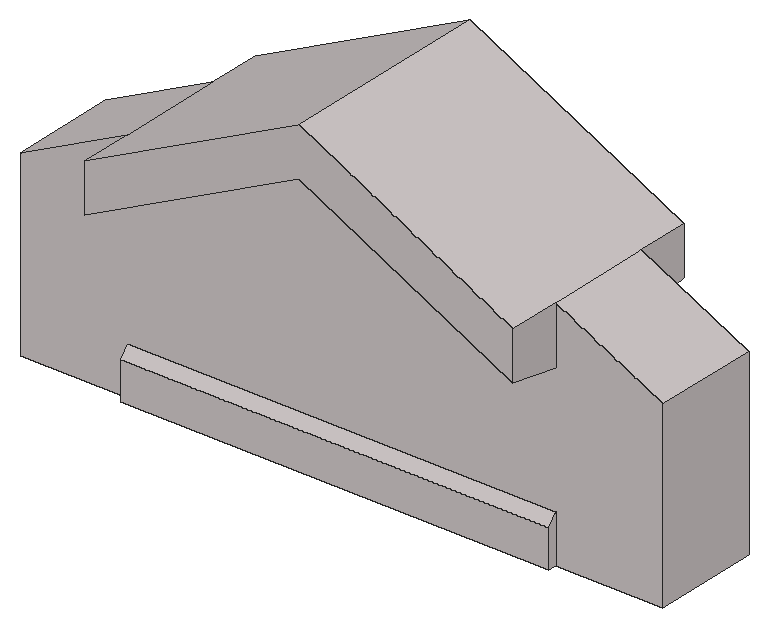
Revit family "d520073ad8cf40c9b459410d88595943", category Structural Framing, Revit 2021
Family settings
  Display in Hidden Views = Edges Hidden by Other Members
  Structural Framing Length Roundoff = 0' - 0"
  Section Shape = Not Defined
  Material for Model Behavior = Precast Concrete
  Always export as geometry = No
  OmniClass Number = 23.25.30.11.14.14
  OmniClass Title = Beams
  Seek Item ID = Precast-Girder I-Saddleback-Constant Cross Section-0000-USA-ENU
  Always vertical = Yes
  Cut with Voids When Loaded = No
  Symbolic Representation = From Family
  Shared = No
  Show family pre-cut in plan views = Yes
Parameters (values of type "32"x17"x10"")
  Tie Rod Weight [instance] = 30
  Tie Rod W [instance] = (Tie Rod Weight) * 2.20313 kip / 1000  # 0.0660938 kip
  Structural Material [instance] = Concrete, Precast
  Single Rebar Weight [instance] = 50
  Single Rebar W [instance] = (Single Rebar Weight * 2.20313 kip) / 1000  # 0.110156 kip
  Rebar Grids Weight [instance] = 100
  Rebar Grids W [instance] = (Rebar Grids Weight * 2.20313 kip) / 1000  # 0.220313 kip
  Length 1 = 0' - 10"
  D6 = 0' - 1"
  D5 = 0' - 3 1/2"
  D4 = 0' - 1"
  D7 [instance] = (D1 - D2) * 2 / Length * Length 1 + D2  # 1' - 10"
  D2 = 1' - 5"
  D3 = 0' - 4 1/2"
  B3 = 0' - 11 1/2"
  B1 = 0' - 10"
  Assembly Code = "B10"
  Length [instance] = 5' - 0"
  B2 = 1' - 8"
  D1 = 2' - 8"
Types (3): name | Length 1 | D6 | D5 | D4 | D7 | D2 | D3 | B3 | B1 | B2 | D1
  (no name) | 0' - 10" | 0' - 1" | 0' - 3 1/2" | 0' - 1" | 1' - 10" | 1' - 5" | 0' - 4 1/2" | 0' - 11 1/2" | 0' - 10" | 1' - 8" | 2' - 8"
  32"x17"x10" | 0' - 10" | 0' - 1" | 0' - 3 1/2" | 0' - 1" | 1' - 10" | 1' - 5" | 0' - 4 1/2" | 0' - 11 1/2" | 0' - 10" | 1' - 8" | 2' - 8"
  36"x20"x12" | 0' - 6" | 0' - 2" | 0' - 4" | 0' - 2" | 1' - 11.2" | 1' - 8" | 0' - 5" | 1' - 4" | 1' - 0" | 1' - 10" | 3' - 0"
Reference planes (in)
  plane 1 "Center (Front/Back)": y = 0
  plane 2: z = 0
  plane 3 "Center (Left/Right)": x = 0.1815
  plane 4 "Member Left": x = -29.79567
  plane 5 "Member Right": x = 30.15867
  plane 6: y = 10
  plane 7: y = -10
  plane 8: z = 16
  plane 9 "Bottom": z = -16
  plane 10 "Left": x = -29.5685
  plane 11 "Right": x = 30.4315
  plane 12: y = 5
  plane 13: y = -5
  plane 14: x = -19.79567
  plane 15: x = 20.15867
  plane 16: x = 0.1815
  plane 17: z = 11.5
  plane 18: z = 1
  plane 19: z = 6
  plane 20: z = 1.5
  plane 21: z = 10.5
  plane 22: z = 0.5
  plane 23: z = -12.5
  plane 24: z = -11.5
  plane 25: y = 5.75
  plane 26: y = -5.75
Forms (in)
  Blend 1, solid, material "Concrete, Precast" <- "Structural Material"
    base sketch origin (0.1815, 0, 0) x (0, 1, 0) y (0, 0, 1)
      loop
        line (10, 16) -> (-10, 16) -> (-10, 11.5) -> (-5, 10.5) -> (-5, -16) -> (5, -16) -> (5, 10.5) -> (10, 11.5) -> (10, 16)
    top sketch origin (0.1815, 0, 0) x (0, 1, 0) y (0, 0, 1)
      loop
        line (10, 6) -> (-10, 6) -> (-10, 1.5) -> (-5, 0.5) -> (-5, -16) -> (5, -16) -> (5, 0.5) -> (10, 1.5) -> (10, 6)
    from 0 to 19.97717
  Blend 2, solid, material "Concrete, Precast" <- "Structural Material"
    base sketch origin (16.90985, 0, 0) x (0, 1, 0) y (0, 0, -1)
      loop
        line (10, -16) -> (10, -11.5) -> (5, -10.5) -> (5, 16) -> (-5, 16) -> (-5, -10.5) -> (-10, -11.5) -> (-10, -16) -> (10, -16)
    top sketch origin (16.90985, 0, 0) x (0, 1, 0) y (0, 0, -1)
      loop
        line (10, -6) -> (10, -1.5) -> (5, -0.5) -> (5, 16) -> (-5, 16) -> (-5, -0.5) -> (-10, -1.5) -> (-10, -6) -> (10, -6)
    from 16.72835 to 36.70551
  Blend 3, solid, material "Concrete, Precast" <- "Structural Material"
    base sketch origin (0.1815, 0, 0) x (0, 1, 0) y (0, 0, 1)
      loop
        line (5, 6) -> (-5, 6) -> (-5, -16) -> (5, -16) -> (5, 6)
    top sketch origin (0.1815, 0, 0) x (0, 1, 0) y (0, 0, 1)
      loop
        line (5, -16) -> (5, 1) -> (-5, 1) -> (-5, -16) -> (5, -16)
    from 19.97717 to 29.97717
  Blend 4, solid, material "Concrete, Precast" <- "Structural Material"
    base sketch origin (16.90985, 0, 0) x (0, 1, 0) y (0, 0, -1)
      loop
        line (5, -6) -> (5, 16) -> (-5, 16) -> (-5, -6) -> (5, -6)
    top sketch origin (16.90985, 0, 0) x (0, 1, 0) y (0, 0, -1)
      loop
        line (5, 16) -> (-5, 16) -> (-5, -1) -> (5, -1) -> (5, 16)
    from 36.70551 to 46.70551
  Extrusion 5, solid, material "Concrete, Precast" <- "Structural Material"
    sketch origin (0.1815, 0, 0) x (0, 1, 0) y (0, 0, 1)
      loop
        line (5.75, -12.5) -> (5, -11.5) -> (-5, -11.5) -> (-5.75, -12.5) -> (-5.75, -16) -> (5.75, -16) -> (5.75, -12.5)
    from -19.97717 to 19.97717
Cuts and joins
  joined: Blend 1, Blend 2, Blend 3, Blend 4, Extrusion 5
Dimensions and locks (in)
  "B2": plane 6 to plane 7
  equal spacing: plane 9 "Bottom", plane 2, plane 8
  equal spacing: plane 6, plane 1 "Center (Front/Back)", plane 7
  "D1": plane 9 "Bottom" to plane 8
  "Length": plane 10 "Left" to plane 11 "Right"
  "B1": plane 12 to plane 13
  equal spacing: plane 12, plane 1 "Center (Front/Back)", plane 13
  "D3": plane 8 to plane 17
  "D2": plane 9 "Bottom" to plane 18
  "D7": plane 9 "Bottom" to plane 19
  "D3": plane 20 to plane 19
  level to Blend 2 sketch curve = 0' - 6"
  equal spacing: plane 14, plane 16, plane 15
  "D4": plane 17 to plane 21
  "D4": plane 20 to plane 22
  "D5": plane 23 to plane 9 "Bottom"
  "D6": plane 24 to plane 23
  equal spacing: plane 25, plane 1 "Center (Front/Back)", plane 26
  "B3": plane 25 to plane 26
  "Length 1": plane 4 "Member Left" to plane 14
  "Length 1": plane 15 to plane 5 "Member Right"
  aligned and locked: plane 8 to Blend 1 sketch curve
  aligned and locked: plane 7 to Blend 1 sketch curve  (x2)
  aligned and locked: Blend 1 sketch curve to plane 6  (x2)
  aligned and locked: plane 17 to Blend 1 sketch curve
  aligned and locked: Blend 1 to plane 16
  aligned and locked: plane 7 to Blend 2 sketch curve  (x2)
  aligned and locked: plane 8 to Blend 2 sketch curve
  aligned and locked: Blend 2 sketch curve to plane 6  (x2)
  aligned and locked: plane 16 to Blend 2
  aligned and locked: Blend 3 sketch curve to var sketch
  aligned and locked: Blend 3 sketch curve to plane 13
  aligned and locked: plane 12 to Blend 3 sketch curve
  aligned and locked: Blend 3 sketch curve to plane 12
  aligned and locked: plane 13 to Blend 3 sketch curve
  aligned and locked: Blend 4 sketch curve to plane 13
  aligned and locked: Blend 4 sketch curve to plane 12
  aligned and locked: plane 13 to Blend 4 sketch curve
  aligned and locked: plane 9 "Bottom" to Blend 4 sketch curve
  aligned and locked: Blend 4 sketch curve to plane 9 "Bottom"
  aligned and locked: plane 12 to Blend 4 sketch curve
  aligned and locked: plane 9 "Bottom" to Blend 3 sketch curve
  aligned and locked: Blend 2 to plane 14
  aligned and locked: plane 18 to Blend 4 sketch curve
  aligned and locked: plane 18 to Blend 3 sketch curve
  aligned and locked: plane 19 to Blend 1 sketch curve
  aligned and locked: Blend 1 to plane 15
  aligned and locked: plane 19 to Blend 4 sketch curve
  aligned and locked: plane 14 to Blend 4
  aligned and locked: Blend 2 sketch curve to cut or joined group of Blend 1, Blend 2, Blend 3, Blend 4, Extrusion 5
  aligned and locked: Blend 2 sketch curve to plane 9 "Bottom"
  aligned and locked: plane 12 to Blend 2 sketch curve
  aligned and locked: plane 21 to Blend 2 sketch curve  (x2)
  aligned and locked: Blend 2 sketch curve to var sketch
  aligned and locked: Blend 3 sketch curve to plane 19
  aligned and locked: plane 15 to Blend 3
  aligned and locked: Blend 1 sketch curve to cut or joined group of Blend 1, Blend 2, Blend 3, Blend 4, Extrusion 5
  aligned and locked: cut or joined group of Blend 1, Blend 2, Blend 3, Blend 4, Extrusion 5 to Blend 1 sketch curve
  aligned and locked: Blend 1 sketch curve to var sketch
  aligned and locked: var sketch to Blend 1 sketch curve
  aligned and locked: plane 23 to Extrusion 5 sketch curve
  aligned and locked: plane 25 to Extrusion 5 sketch curve
  aligned and locked: Extrusion 5 sketch curve to plane 9 "Bottom"
  aligned and locked: plane 26 to Extrusion 5 sketch curve
  aligned and locked: Extrusion 5 sketch curve to plane 24
  aligned and locked: Extrusion 5 to plane 15
  aligned and locked: Extrusion 5 to plane 14
  aligned and locked: plane 4 "Member Left" to Blend 4
  aligned and locked: Blend 3 to plane 5 "Member Right"
Automatic sketch dimensions
  Blend 2 sketch curve to plane 17 = 0' - 0"  (x2)
  Blend 2 sketch curve to plane 12 = 0' - 0"
  Blend 2 sketch curve to plane 19 = 0' - 0"
  Blend 2 sketch curve to plane 20 = 0' - 0"  (x2)
  Blend 2 sketch curve to plane 13 = 0' - 0"
  Blend 2 sketch curve to plane 22 = 0' - 0"  (x2)
  Blend 1 sketch curve to plane 17 = 0' - 0"
  Blend 1 sketch curve to plane 12 = 0' - 0"  (x2)
  Blend 1 sketch curve to plane 21 = 0' - 0"  (x2)
  Blend 1 sketch curve to plane 20 = 0' - 0"  (x2)
  Blend 1 sketch curve to plane 22 = 0' - 0"  (x2)
  Extrusion 5 sketch curve to plane 13 = 0' - 0"
  Extrusion 5 sketch curve to plane 12 = 0' - 0"
  Extrusion 5 sketch curve to plane 23 = 0' - 0"
